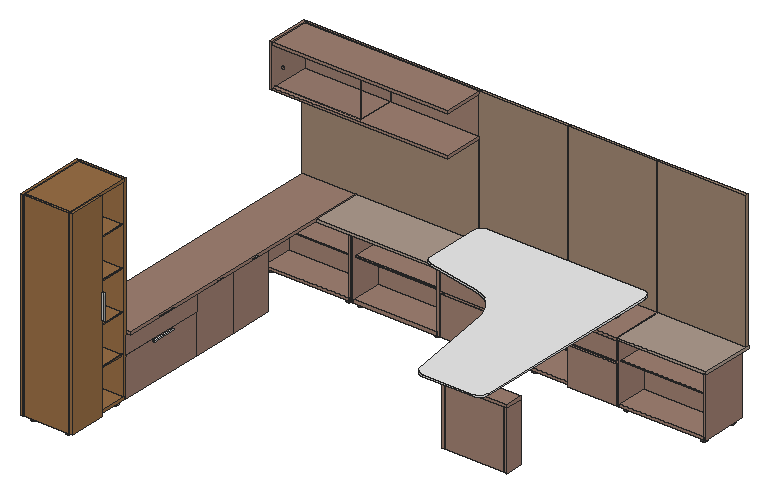
Revit family "OFS TYPICAL T100058", category Furniture, Revit 2022 (continued)
Definition of nested family "OFS_APTOS_TALL_STORAGE_ HINGED_DOOR_LEFT___OPEN"
  Definition of nested family "34-3668RSC1"
    Forms (in)
      Extrusion 22, solid, material <- "FINISH"
        sketch origin (35.9375, -3.376, 0) x (-1, 0, 0) y (0, 0, 1)
          loop
            line (0, 1.5) -> (0.6875, 1.5) -> (0.6875, 68.43675) -> (0, 68.43675) -> (0, 1.5)
        from 2.2505 to 2.376
    Dimensions and locks (in)
      aligned and locked: level to plane 2
Definition of nested family "OFS APTOS Wallmount Organizer Open End Sliding Glass Door Left"
  Parameters (values of type "Wallmount Organizer Open End Sliding Glass Door Left 60")
    Width = 5' - 0"
    URL = "https://ofs.com/"
    Total Height [instance] = 5' - 8 1/4"
    Glass Door Material = none
    Door Inset = 0' - 1 1/8"
    Door Handle Material = none
    Default Elevation = 0' - 0"
    Box Width = 1' - 0"
    Board Thick Door = 0' - 0 1/4"
    Depth = 1' - 2 1/2"
    Board Material = none
    Model = "34-6015LWSG1NE"
    Manufacturer = "OFS"
    Leg Offset = 0' - 2"
    Board Thick Internal = 0' - 0 1/4"
    Height = 1' - 2 1/2"
    Description = "OFS APTOS Wallmount Organizer Open End Sliding Glass Door Left 60"
    Copyright © = "© OFS 2022"
    Catalog = "https://ofs.com/products/tables/conference/aptos?search=Aptos"
    Bottom Board Offset = 4' - 5 3/4"
    Board Thick Top and Bot = 0' - 0 3/4"
    Board Thick Sides = 0' - 0 3/4"
    Board Thick Front = 0' - 0 3/4"
    Board Thick Back = 0' - 0 3/4"
    Authoring Version = "Autodesk Revit Architecture 2015"
    Assembly Code = "E2020200"
  Types (4): name | Width | Model | Description
    (no name) | 5' - 0" | "34-6015LWSG1NE" | "OFS APTOS Wallmount Organizer Open End Sliding Glass Door Left 60"
    Wallmount Organizer Open End Sliding Glass Door Left 60 | 5' - 0" | "34-6015LWSG1NE" | "OFS APTOS Wallmount Organizer Open End Sliding Glass Door Left 60"
    Wallmount Organizer Open End Sliding Glass Door Left 66 | 5' - 6" | "34-6615LWSG1NE" | "OFS APTOS Wallmount Organizer Open End Sliding Glass Door Left 66"
    Wallmount Organizer Open End Sliding Glass Door Left 72 | 6' - 0" | "34-7215LWSG1NE" | "OFS APTOS Wallmount Organizer Open End Sliding Glass Door Left 72"
  Reference planes (in)
    plane 1 "Center Front/Back": y = 0
    plane 2: z = 0
    plane 3 "Center Left/Right": x = 0
    plane 4 "Left End": x = -30
    plane 5 "Front End": y = -13.375
    plane 6 "Right End": x = 30
    plane 7 "Back End": y = 0
    plane 8 "Height Top": z = 68.25
    plane 9: x = -29.25
    plane 10: x = 29.25
    plane 11: z = 67.5
    plane 12: z = 53.75
    plane 13: z = 54.5
    plane 14: y = -12.625
    plane 15: y = -2
    plane 16: y = -2
    plane 17: y = -11.375
    plane 18: y = -11.375
    plane 19: x = -28
    plane 20: x = 28
    plane 21: x = 28
    plane 22: x = -28
    plane 23: y = -14.5
    plane 24: x = 0
    plane 25: x = 0.125
    plane 26: x = -0.125
    plane 27: y = -0.75
    plane 28: y = -13.625
    plane 29: x = 26.75
    plane 30: x = -26.75
    plane 31: z = 61
  Forms (in)
    Extrusion 1, solid, material <- "Board Material"
      sketch origin (0, 0, 0) x (1, 0, 0) y (0, 1, 0)
        loop
          line (-30, 0) -> (-30, -14.5) -> (-29.25, -14.5) -> (-29.25, 0) -> (-30, 0)
      from 53.75 to 68.25
    Extrusion 2, solid, material <- "Board Material"
      sketch origin (0, 0, 0) x (1, 0, 0) y (0, 1, 0)
        loop
          line (-29.25, -0.75) -> (-29.25, -14.5) -> (30, -14.5) -> (30, -0.75) -> (-29.25, -0.75)
      from 53.75 to 54.5
    Extrusion 3, solid, material <- "Board Material"
      sketch origin (0, 0, 0) x (1, 0, 0) y (0, 1, 0)
        loop
          line (-29.25, -0.75) -> (-29.25, -14.5) -> (30, -14.5) -> (30, -0.75) -> (-29.25, -0.75)
      from 67.5 to 68.25
    Extrusion 4, solid, material <- "Glass Door Material"
      sketch origin (0, 0, 0) x (1, 0, 0) y (0, 1, 0)
        loop
          line (-0.125, -0.75) -> (-0.125, -13.375) -> (0.125, -13.375) -> (0.125, -0.75) -> (-0.125, -0.75)
      from 54.5 to 67.5
    Extrusion 5, solid, material <- "Glass Door Material"
      sketch origin (0, 0, 0) x (1, 0, 0) y (0, 1, 0)
        loop
          line (0.125, -13.375) -> (-29.25, -13.375) -> (-29.25, -13.625) -> (0.125, -13.625) -> (0.125, -13.375)
      from 54.5 to 67.5
    Extrusion 6, solid, material <- "Board Material"
      sketch origin (0, 27.875, 0) x (1, 0, 0) y (0, 1, 0)
        loop
          line (-29.25, -27.875) -> (-29.25, -28.625) -> (30, -28.625) -> (30, -27.875) -> (-29.25, -27.875)
      from 53.75 to 68.25
    Extrusion 7, void
      sketch origin (-9.5747, 0, 1.68758) x (-1, 0, 0) y (0, 0, -1)
        loop
          circle (16.6753, -59.31242) r 0.5
      from 0.75 to 14.5
  Cuts and joins
    Extrusion 7 cuts Extrusion 5
  Dimensions and locks (in)
    equal spacing: plane 4 "Left End", plane 3 "Center Left/Right", plane 6 "Right End"
    "Width": plane 4 "Left End" to plane 6 "Right End"
    "Height": plane 8 "Height Top" to plane 12
    "Board Thick Sides": plane 4 "Left End" to plane 9
    "Board Thick Sides": plane 10 to plane 6 "Right End"
    "Board Thick Top and Bot": plane 8 "Height Top" to plane 11
    "Board Thick Top and Bot": plane 13 to plane 12
    "Bottom Board Offset": plane 12 to level
    "Board Thick Front": plane 14 to plane 5 "Front End"
    "Leg Offset": plane 17 to plane 5 "Front End"
    "Leg Offset": plane 18 to plane 5 "Front End"
    "Leg Offset": plane 15 to plane 7 "Back End"
    "Leg Offset": plane 16 to plane 7 "Back End"
    "Leg Offset": plane 4 "Left End" to plane 19
    "Leg Offset": plane 20 to plane 6 "Right End"
    "Leg Offset": plane 21 to plane 6 "Right End"
    "Leg Offset": plane 4 "Left End" to plane 22
    equal spacing: plane 26, plane 24, plane 25
    "Board Thick Internal": plane 26 to plane 25
    "Board Thick Back": plane 27 to plane 1 "Center Front/Back"
    "Depth": plane 23 to plane 1 "Center Front/Back"
    "Total Height": plane 8 "Height Top" to level
    "Door Inset": plane 5 "Front End" to plane 23
    "Board Thick Door": plane 5 "Front End" to plane 28
    locked: plane 29 to plane 10 at 2.5
    locked: plane 9 to plane 30 at 2.5
    equal spacing: plane 8 "Height Top", plane 31, plane 12
    aligned and locked: level to plane 2
    aligned and locked: plane 4 "Left End" to Extrusion 1 sketch curve
    aligned and locked: Extrusion 1 sketch curve to plane 9
    aligned and locked: plane 9 to Extrusion 2 sketch curve
    aligned and locked: Extrusion 4 to plane 5 "Front End"
    aligned and locked: plane 5 "Front End" to Extrusion 5 sketch curve
    aligned and locked: Extrusion 4 to plane 13
    aligned and locked: plane 11 to Extrusion 4
    aligned and locked: Extrusion 3 to plane 23
    aligned and locked: plane 8 "Height Top" to Extrusion 3
    aligned and locked: Extrusion 3 to plane 11
    aligned and locked: Extrusion 6 to plane 27
    aligned and locked: Extrusion 6 to plane 1 "Center Front/Back"
    aligned and locked: plane 27 to Extrusion 4
    aligned and locked: plane 26 to Extrusion 4
    aligned and locked: Extrusion 4 to plane 25
    aligned and locked: Extrusion 3 to plane 9
    aligned and locked: plane 23 to Extrusion 1
    aligned and locked: plane 8 "Height Top" to Extrusion 1
    aligned and locked: Extrusion 1 to plane 12
    aligned and locked: Extrusion 6 to plane 9
    aligned and locked: Extrusion 5 to plane 28
    aligned and locked: plane 25 to Extrusion 5
    aligned and locked: plane 11 to Extrusion 5
    aligned and locked: Extrusion 5 to plane 9
    aligned and locked: Extrusion 5 to plane 13
    aligned and locked: plane 31 to Extrusion 7
    aligned and locked: Extrusion 4 to Extrusion 7
    aligned and locked: Extrusion 1 to Extrusion 7
    aligned and locked: plane 8 "Height Top" to Extrusion 6
    aligned and locked: Extrusion 6 to plane 12
    aligned and locked: Extrusion 3 to plane 27
    aligned and locked: Extrusion 3 to plane 6 "Right End"
    aligned and locked: Extrusion 6 to plane 6 "Right End"
    aligned and locked: Extrusion 2 to plane 6 "Right End"
  Automatic sketch dimensions
    Extrusion 1 sketch curve to plane 23 = 0' - 0"
    plane 1 "Center Front/Back" to Extrusion 1 sketch curve = 0' - 0"
    Extrusion 2 sketch curve to plane 23 = 0' - 0"
    plane 1 "Center Front/Back" to Extrusion 2 sketch curve = 0' - 0 3/4"
    Extrusion 3 sketch curve to plane 9 = 0' - 0"
    Extrusion 3 sketch curve to plane 10 = 0' - 0 3/4"
    Extrusion 3 sketch curve to plane 23 = 0' - 0"
    plane 1 "Center Front/Back" to Extrusion 3 sketch curve = 0' - 0 3/4"
    Extrusion 4 sketch curve to plane 5 "Front End" = 0' - 0"
    Extrusion 4 sketch curve to plane 26 = 0' - 0"
    Extrusion 4 sketch curve to plane 25 = 0' - 0"
    Extrusion 4 sketch curve to plane 27 = 0' - 0"
    Extrusion 5 sketch curve to plane 9 = 0' - 0"
    Extrusion 5 sketch curve to plane 25 = 0' - 0"
    Extrusion 5 sketch curve to plane 28 = 0' - 0"
    Extrusion 6 sketch curve to plane 9 = 0' - 0"
    Extrusion 6 sketch curve to plane 10 = 0' - 0 3/4"
    Extrusion 6 sketch curve to plane 27 = 0' - 0"
    plane 1 "Center Front/Back" to Extrusion 6 sketch curve = 0' - 0"
    plane 31 to Extrusion 7 sketch curve = 0' - 0"
    plane 30 to Extrusion 7 sketch curve = 0' - 0 1/2"
    Extrusion 2 sketch curve to plane 10 = 0' - 0 3/4"
    radius of Extrusion 7 sketch curve = 0' - 0 1/2"
Definition of nested family "OFS APTOS Height Adjustable Peninsula Sweep Top 74W 60D Corian Top 18D Right"
  Parameters (values of type "Height Adjustable Peninsula Sweep Top 74W 60D Left Corian Top 18D Right")
    Width = 6' - 2"
    URL = "https://ofs.com/"
    Right Column [instance] = and(Right, not(H4H Height Adjustable Panel Base Option))  # no
    Right 4H4 [instance] = and(Right, H4H Height Adjustable Panel Base Option)  # no
    Right = no
    Left Column [instance] = and(Left, not(H4H Height Adjustable Panel Base Option))  # no
    Left 4H4 [instance] = and(Left, H4H Height Adjustable Panel Base Option)  # yes
    Left = yes
    H4H Height Adjustable Panel Base Option [instance] = yes
    Depth = 5' - 0"
    Model = "34-7460HALSTDSC"
    Manufacturer = "OFS"
    Height = 0' - 1 3/16"
    Description = "OFS APTOS Height Adjustable Peninsula Sweep Top 74W 60D Left Corian Top 18D Right"
    Default Elevation = 0' - 0"
    Copyright © = "© OFS 2022"
    Columns Material = none
    Catalog = "https://ofs.com/products/tables/conference/aptos?search=Aptos"
    Worksurface Height [instance] = 2' - 3"
    Authoring Version = "Autodesk Revit Architecture 2015"
    Assembly Code = "E2020200"
  Types (3): name | Right 4H4 | Right | Left 4H4 | Left | Model | Description
    (no name) | no | no | yes | yes | "34-7460HALSTDSC" | "OFS APTOS Height Adjustable Peninsula Sweep Top 74W 60D Left Corian Top 18D Right"
    Height Adjustable Peninsula Sweep Top 74W 60D Left Corian Top 18D Right | no | no | yes | yes | "34-7460HALSTDSC" | "OFS APTOS Height Adjustable Peninsula Sweep Top 74W 60D Left Corian Top 18D Right"
    Height Adjustable Peninsula Sweep Top 74W 60D Right Corian Top 18D Right | yes | yes | no | no | "34-7460HARSTDSC" | "OFS APTOS Height Adjustable Peninsula Sweep Top 74W 60D Right Corian Top 18D Right"
  Reference planes (in)
    plane 1 "Back End": y = 6
    plane 2: z = 0
    plane 3 "Center Left/Right": x = 0
    plane 4 "Left End": x = -37
    plane 5 "Front End": y = -54
    plane 6 "Right End": x = 37
    plane 7 "Height Top": z = 28.1875
    plane 8: z = 27
    plane 9 "Center Front/Back": y = -24
    plane 10: z = 24.625
    plane 11: z = 22.25
    plane 12: z = 26.875
  Forms (in)
    Extrusion 1, solid, material <- "Columns Material", visible <- "Right"
      sketch origin (0, 0, 0) x (1, 0, 0) y (0, 1, 0)
        loop
          circle (-24.4997, -43.08789) r 1.125
      from 24.625 to 27
    Extrusion 2, solid, material <- "Columns Material", visible <- "Right"
      sketch origin (0, 0, 0) x (1, 0, 0) y (0, 1, 0)
        loop
          circle (-24.4997, -43.08789) r 1.25
      from 22.25 to 24.625
    Extrusion 3, solid, material <- "Columns Material", visible <- "Right Column"
      sketch origin (0, 0, 0) x (1, 0, 0) y (0, 1, 0)
        loop
          circle (-24.4997, -43.08789) r 1.375
      from 0 to 22.25
    Extrusion 4, solid, material <- "Columns Material"
      sketch origin (0, 0, 0) x (1, 0, 0) y (0, 1, 0)
        loop
          line (24, -44) -> (24, -50) -> (30, -50) -> (30, -44) -> (24, -44)
        loop
          line (24, -4) -> (30, -4) -> (30, 2) -> (24, 2) -> (24, -4)
      from 26.875 to 27
    Extrusion 5, solid, material <- "Columns Material"
      sketch origin (46.50266, -2.91211, 0) x (1, 0, 0) y (0, 1, 0)
        loop
          circle (-18.4997, -43.08789) r 1.125
      from 24.625 to 27
    Extrusion 6, solid, material <- "Columns Material"
      sketch origin (46.50266, -2.91211, 0) x (1, 0, 0) y (0, 1, 0)
        loop
          circle (-18.4997, -43.08789) r 1.25
      from 22.25 to 24.625
    Extrusion 7, solid, material <- "Columns Material"
      sketch origin (46.50266, -2.91211, 0) x (1, 0, 0) y (0, 1, 0)
        loop
          circle (-18.4997, -43.08789) r 1.375
      from 2.375 to 22.25
    Extrusion 8, solid, material <- "Columns Material"
      sketch origin (46.50266, 29.08789, 0) x (1, 0, 0) y (0, 1, 0)
        loop
          circle (-18.4997, -31.08789) r 1.125
      from 24.625 to 27
    Extrusion 9, solid, material <- "Columns Material"
      sketch origin (46.50266, 29.08789, 0) x (1, 0, 0) y (0, 1, 0)
        loop
          circle (-18.4997, -31.08789) r 1.25
      from 22.25 to 24.625
    Extrusion 10, solid, material <- "Columns Material"
      sketch origin (46.50266, 29.08789, 0) x (1, 0, 0) y (0, 1, 0)
        loop
          circle (-18.4997, -31.08789) r 1.375
      from 2.375 to 22.25
    Extrusion 11, solid, material <- "Columns Material", visible <- "Right"
      sketch origin (0, 0, 0) x (1, 0, 0) y (0, 1, 0)
        loop
          line (-26.4997, -40.08789) -> (-26.4997, -46.08789) -> (-20.4997, -46.08789) -> (-20.4997, -40.08789) -> (-26.4997, -40.08789)
      from 26.875 to 27
    Extrusion 12, solid, material <- "Columns Material", visible <- "Left"
      sketch origin (0, -48, 0) x (1, 0, 0) y (0, 1, 0)
        loop
          circle (-24.4997, 43.08789) r 1.125
      from 24.625 to 27
    Extrusion 13, solid, material <- "Columns Material", visible <- "Left"
      sketch origin (0, -48, 0) x (1, 0, 0) y (0, 1, 0)
        loop
          circle (-24.4997, 43.08789) r 1.25
      from 22.25 to 24.625
    Extrusion 14, solid, material <- "Columns Material", visible <- "Left Column"
      sketch origin (0, -48, 0) x (1, 0, 0) y (0, 1, 0)
        loop
          circle (-24.4997, 43.08789) r 1.375
      from 0 to 22.25
    Extrusion 15, solid, material <- "Columns Material", visible <- "Left"
      sketch origin (0, -48, 0) x (1, 0, 0) y (0, 1, 0)
        loop
          line (-26.4997, 40.08789) -> (-20.4997, 40.08789) -> (-20.4997, 46.08789) -> (-26.4997, 46.08789) -> (-26.4997, 40.08789)
      from 26.875 to 27
  Dimensions and locks (in)
    "Height": plane 7 "Height Top" to plane 8
    "Worksurface Height": plane 8 to level
    "Depth": plane 5 "Front End" to plane 1 "Back End"
    equal spacing: plane 4 "Left End", plane 3 "Center Left/Right", plane 6 "Right End"
    "Width": plane 4 "Left End" to plane 6 "Right End"
    equal spacing: plane 5 "Front End", plane 9 "Center Front/Back", plane 1 "Back End"
    locked: plane 11 to level at 22.25
    equal spacing: plane 8, plane 10, plane 11
    locked: plane 8 to plane 12 at 0.125
    aligned and locked: level to plane 2
    aligned and locked: nested 1 to Extrusion 3
    aligned and locked: plane 8 to Extrusion 1
    aligned and locked: nested 1 to Extrusion 2
    aligned and locked: plane 10 to Extrusion 2
    aligned and locked: Extrusion 1 to plane 10
    aligned and locked: Extrusion 4 to plane 8
    aligned and locked: plane 12 to Extrusion 4
    aligned and locked: Extrusion 7 to plane 11
    aligned and locked: Extrusion 10 to plane 11
    aligned and locked: plane 11 to Extrusion 9
    aligned and locked: plane 11 to Extrusion 6
    aligned and locked: Extrusion 6 to plane 10
    aligned and locked: plane 10 to Extrusion 5
    aligned and locked: Extrusion 5 to plane 8
    aligned and locked: plane 8 to Extrusion 8
    aligned and locked: plane 10 to Extrusion 9
    aligned and locked: Extrusion 8 to plane 10
    aligned and locked: plane 8 to Extrusion 11
    aligned and locked: Extrusion 11 to plane 12
    aligned and locked: plane 11 to Extrusion 14
    aligned and locked: Extrusion 13 to plane 11
    aligned and locked: plane 10 to Extrusion 13
    aligned and locked: Extrusion 12 to plane 10
    aligned and locked: plane 8 to Extrusion 12
    aligned and locked: plane 8 to Extrusion 15
    aligned and locked: Extrusion 15 to plane 12
    aligned and locked: plane 7 "Height Top" to nested 5
    aligned and locked: plane 7 "Height Top" to nested 4
  Automatic sketch dimensions
    plane 4 "Left End" to Extrusion 1 sketch curve = 1' - 0.5003"
    plane 5 "Front End" to Extrusion 1 sketch curve = 0' - 10.91211"
    Extrusion 2 sketch curve to Extrusion 2 sketch curve = 0' - 0"  (x2)
    plane 4 "Left End" to Extrusion 2 sketch curve = 0' - 11.2503"
    Extrusion 2 sketch curve to Extrusion 2 sketch curve = 0' - 1 1/4"
    plane 5 "Front End" to Extrusion 2 sketch curve = 0' - 10.91211"
    Extrusion 3 sketch curve to Extrusion 3 sketch curve = 0' - 0"  (x2)
    plane 4 "Left End" to Extrusion 3 sketch curve = 0' - 11.1253"
    Extrusion 3 sketch curve to Extrusion 3 sketch curve = 0' - 1 3/8"
    plane 5 "Front End" to Extrusion 3 sketch curve = 0' - 10.91211"
    plane 6 "Right End" to Extrusion 4 sketch curve = 1' - 1"  (x2)
    plane 5 "Front End" to Extrusion 4 sketch curve = 0' - 4"
    plane 1 "Back End" to Extrusion 4 sketch curve = 0' - 4"
    Extrusion 4 sketch curve to Extrusion 4 sketch curve = 0' - 6"  (x4)
    plane 6 "Right End" to Extrusion 5 sketch curve = 0' - 8.99705"
    plane 5 "Front End" to Extrusion 5 sketch curve = 0' - 8"
    Extrusion 6 sketch curve to Extrusion 6 sketch curve = 0' - 0"  (x2)
    plane 6 "Right End" to Extrusion 6 sketch curve = 0' - 10.24705"
    Extrusion 6 sketch curve to Extrusion 6 sketch curve = 0' - 1 1/4"
    plane 5 "Front End" to Extrusion 6 sketch curve = 0' - 8"
    Extrusion 7 sketch curve to Extrusion 7 sketch curve = 0' - 0"  (x2)
    plane 6 "Right End" to Extrusion 7 sketch curve = 0' - 10.37205"
    Extrusion 7 sketch curve to Extrusion 7 sketch curve = 0' - 1 3/8"
    plane 5 "Front End" to Extrusion 7 sketch curve = 0' - 8"
    plane 6 "Right End" to Extrusion 8 sketch curve = 0' - 8.99705"
    plane 1 "Back End" to Extrusion 8 sketch curve = 0' - 8"
    Extrusion 9 sketch curve to Extrusion 9 sketch curve = 0' - 0"  (x2)
    plane 6 "Right End" to Extrusion 9 sketch curve = 0' - 10.24705"
    Extrusion 9 sketch curve to Extrusion 9 sketch curve = 0' - 1 1/4"
    plane 1 "Back End" to Extrusion 9 sketch curve = 0' - 8"
    Extrusion 10 sketch curve to Extrusion 10 sketch curve = 0' - 0"  (x2)
    plane 6 "Right End" to Extrusion 10 sketch curve = 0' - 10.37205"
    Extrusion 10 sketch curve to Extrusion 10 sketch curve = 0' - 1 3/8"
    plane 1 "Back End" to Extrusion 10 sketch curve = 0' - 8"
    plane 4 "Left End" to Extrusion 11 sketch curve = 0' - 10.5003"
    plane 5 "Front End" to Extrusion 11 sketch curve = 0' - 7.91211"
    Extrusion 11 sketch curve to Extrusion 11 sketch curve = 0' - 6"  (x2)
    Extrusion 12 sketch curve to plane 4 "Left End" = 1' - 0.5003"
    Extrusion 12 sketch curve to plane 1 "Back End" = 0' - 10.91211"
    Extrusion 13 sketch curve to Extrusion 13 sketch curve = 0' - 0"  (x2)
    Extrusion 13 sketch curve to plane 4 "Left End" = 0' - 11.2503"
    Extrusion 13 sketch curve to Extrusion 13 sketch curve = 0' - 1 1/4"
    Extrusion 13 sketch curve to plane 1 "Back End" = 0' - 10.91211"
    Extrusion 14 sketch curve to Extrusion 14 sketch curve = 0' - 0"  (x2)
    Extrusion 14 sketch curve to plane 4 "Left End" = 0' - 11.1253"
    Extrusion 14 sketch curve to Extrusion 14 sketch curve = 0' - 1 3/8"
    Extrusion 14 sketch curve to plane 1 "Back End" = 0' - 10.91211"
    Extrusion 15 sketch curve to plane 4 "Left End" = 0' - 10.5003"
    Extrusion 15 sketch curve to plane 1 "Back End" = 0' - 7.91211"
    Extrusion 15 sketch curve to Extrusion 15 sketch curve = 0' - 6"  (x2)
    radius of Extrusion 1 sketch curve = 0' - 1 1/8"
    radius of Extrusion 5 sketch curve = 0' - 1 1/8"
    radius of Extrusion 8 sketch curve = 0' - 1 1/8"
    radius of Extrusion 12 sketch curve = 0' - 1 1/8"
  Nested families (in)
    nested 1: "Aptos Modular Low Height Cabinets" at (35.75, -24, 0) x (0, -1, 0) z (0, 0, 1), type "APTOS HEIGHT ADJUSTABLE SWEEP TOP DESK"
      with Width 5' - 0", Box Width 2' - 3"
    nested 2: "H4H" at (-27.5, -5, 0) x (0, 1, 0) z (0, 0, 1), visible <- "Left 4H4", type "H4H"
    nested 3: "H4H" at (-27.5, -42.99989, 0) x (0, -1, 0) z (0, 0, 1), visible <- "Right 4H4", type "H4H"
    nested 4: "APTOS SWEEP ELEVATED RUNOFF WORKSURFACE LEFT - WOOD TOP" at (-1.0006, -48, -1.3125) x (-1, 0, 0) z (0, 0, 1), visible <- "Left", type "APTOS SWEEP ELEVATED RUNOFF WORKSURFACE 72" x 58" LEFT OPEN END - WOOD TOP"
    nested 5: "APTOS SWEEP ELEVATED RUNOFF WORKSURFACE RIGHT - WOOD TOP" at (-1.0003, 0, -1.3125), visible <- "Right", type "APTOS SWEEP ELEVATED RUNOFF WORKSURFACE 72" x 58" RIGHT OPEN END - WOOD TOP"
      with Width 6' - 0", 34-7858SWTERC no, 34-7258SWTERC yes
  Definition of nested family "Aptos Modular Low Height Cabinets"
    Parameters
      Width = 4' - 0"
      URL = "http://ofsbrands.com"
      Top Board, Back Offset = 0' - 1 1/4"
      Shelf Height = 0' - 9 3/4"
      Drawer Width = 1' - 4 7/16"
      Drawer Gap = 0' - 0 7/8"
      Table Material = none
      Default Elevation = 0' - 0"
      Column Material = none
      Box Width = 1' - 9"
      Bottom Drawer Height = 1' - 0"
      Board Thick Door = 0' - 1 1/8"
      Depth = 1' - 4 3/4"
      Board Material = none
      Model = "34-7460HARSTDSC"
      Manufacturer = "OFS"
      Leg Caps Material = none
      Leg Offset = 0' - 2"
      Board Thick Internal = 0' - 0 3/4"
      Height = 1' - 10 1/4"
      Description = "OFS BRANDS OFS APTOS HEIGHT ADJUSTABLE SWEEP TOP DESK 18\" D Low Height Cabinet with Unfinished Back and 72\"W x 58\"D Worksurface"
      Copyright © = "© OFS BRANDS 2017"
      Catalog = "APTOS http://ofsbrands.com/products/casegoods/private-office/aptos"
      Bottom Board Offset = 0' - 1 1/2"
      Board Thick Top and Bot = 0' - 0 7/8"
      Board Thick Shelfs = 0' - 1"
      Board Thick Sides = 0' - 0 3/4"
      Board Thick Front = 0' - 0 3/4"
      Board Thick Back = 0' - 0 3/4"
      Authoring Version = "Autodesk Revit Architecture 2013"
      Assembly Code = "E2020200"
    Reference planes (in)
      plane 1 "Center Front/Back": y = 0
      plane 2: z = 0
      plane 3 "Center Left/Right": x = 0
      plane 4 "Left End": x = -24
      plane 5 "Front End": y = -15.625
      plane 6 "Right End": x = 24
      plane 7 "Back End": y = 0
      plane 8 "Height Top": z = 22.25
      plane 9: x = -23.25
      plane 10: x = 23.25
      plane 11: z = 11.125
      plane 12: z = 12.125
      plane 13: z = 21.375
      plane 14: z = 1.5
      plane 15: z = 2.375
      plane 16: y = -14.875
      plane 17: y = -2
      plane 18: y = -2
      plane 19: y = -13.625
      plane 20: y = -13.625
      plane 21: x = -22
      plane 22: x = 22
      plane 23: x = 22
      plane 24: x = -22
      plane 25: x = -11.25
      plane 26: x = -10.5
      plane 27: y = -16.75
      plane 28: z = 15.25
      plane 29: y = -0.75
      plane 30: x = 11.25
      plane 31: x = 10.5
      plane 32: z = 14.375
      plane 33: y = 1.25
      plane 34: z = 25.28125
      plane 35: x = -7.5625
      plane 36: x = 7.5625
      plane 37: y = -2.75
    Forms (in)
      Extrusion 1, solid, material <- "Board Material"
        sketch origin (0, 0, 0) x (1, 0, 0) y (0, 1, 0)
          loop
            line (-24, 0) -> (-24, -15.625) -> (-23.25, -15.625) -> (-23.25, 0) -> (-24, 0)
        from 1.5 to 21.375
      Extrusion 2, solid, material <- "Board Material"
        sketch origin (0, 0, 0) x (-1, 0, 0) y (0, -1, 0)
          loop
            line (-24, 0) -> (-23.25, 0) -> (-23.25, 15.625) -> (-24, 15.625) -> (-24, 0)
        from 1.5 to 21.375
      Extrusion 3, solid, material <- "Board Material"
        sketch origin (0, 0, 0) x (1, 0, 0) y (0, 1, 0)
          loop
            line (-23.25, 0) -> (-23.25, -15.625) -> (23.25, -15.625) -> (23.25, 0) -> (-23.25, 0)
        from 1.5 to 2.375
      Extrusion 4, solid, material <- "Board Material"
        sketch origin (0, 0, 0) x (1, 0, 0) y (0, 1, 0)
          loop
            line (-24, 1.25) -> (-24, -16.75) -> (24, -16.75) -> (24, 1.25) -> (-24, 1.25)
        from 21.375 to 22.25
      Revolve 5, solid, material <- "Leg Caps Material"
        sketch origin (0, -2, 0) x (-1, 0, 0) y (0, 0, 1)
          loop
            line (21, 0.28743) -> (21.5, 0.28743)
            arc (21.5, 0.28743) -> (21.35629, 0.14371) -> (21.5, 0) r 0.14371
            line (21.5, 0) -> (22, 0) -> (22, 1.5) -> (21, 1.5) -> (21, 0.28743)
          axis (22, 1.5) -> (22, 0)
        angle from 0 to 360
      Revolve 6, solid, material <- "Leg Caps Material"
        sketch origin (0, -2, 0) x (1, 0, 0) y (0, 0, -1)
          loop
            line (21, -0.28743) -> (21, -1.5) -> (22, -1.5) -> (22, 0) -> (21.5, 0)
            arc (21.5, 0) -> (21.35629, -0.14371) -> (21.5, -0.28743) r 0.14371
            line (21.5, -0.28743) -> (21, -0.28743)
          axis (22, -1.5) -> (22, 0)
        angle from 0 to 360
      Revolve 7, solid, material <- "Leg Caps Material"
        sketch origin (0, -13.625, 0) x (-1, 0, 0) y (0, 0, -1)
          loop
            line (21, -0.28743) -> (21, -1.5) -> (22, -1.5) -> (22, 0) -> (21.5, 0)
            arc (21.5, 0) -> (21.35629, -0.14371) -> (21.5, -0.28743) r 0.14371
            line (21.5, -0.28743) -> (21, -0.28743)
          axis (22, -1.5) -> (22, 0)
        angle from 0 to 360
      Revolve 8, solid, material <- "Leg Caps Material"
        sketch origin (0, -13.625, 0) x (1, 0, 0) y (0, 0, 1)
          loop
            line (21, 0.28743) -> (21.5, 0.28743)
            arc (21.5, 0.28743) -> (21.35629, 0.14371) -> (21.5, 0) r 0.14371
            line (21.5, 0) -> (22, 0) -> (22, 1.5) -> (21, 1.5) -> (21, 0.28743)
          axis (22, 1.5) -> (22, 0)
        angle from 0 to 360
      Extrusion 9, solid, material <- "Board Material"
        sketch origin (0, 0, 0) x (1, 0, 0) y (0, 1, 0)
          loop
            line (-11.25, 0) -> (-11.25, -15.625) -> (-10.5, -15.625) -> (-10.5, 0) -> (-11.25, 0)
        from 2.375 to 21.375
      Extrusion 10, solid, material <- "Board Material"
        sketch origin (0, 27.875, 0) x (1, 0, 0) y (0, 1, 0)
          loop
            line (-23.25, -27.875) -> (-23.25, -28.625) -> (-11.25, -28.625) -> (-11.25, -27.875) -> (-23.25, -27.875)
        from 4.5 to 8.5
      Extrusion 11, solid, material <- "Board Material"
        sketch origin (0, 0, 0) x (1, 0, 0) y (0, 1, 0)
          loop
            line (24, -15.625) -> (7.5625, -15.625) -> (7.5625, -16.75) -> (24, -16.75) -> (24, -15.625)
        from 1.5 to 14.375
      Extrusion 12, solid, material <- "Board Material"
        sketch origin (0, 0, 0) x (1, 0, 0) y (0, 1, 0)
          loop
            line (24, -15.625) -> (7.5625, -15.625) -> (7.5625, -16.75) -> (24, -16.75) -> (24, -15.625)
        from 15.25 to 21.375
      Extrusion 13, solid, material <- "Board Material"
        sketch origin (0, 0, 0) x (0, 1, 0) y (0, 0, 1)
          loop
            line (-2.75, 12.125) -> (-14.875, 12.125) -> (-14.875, 11.625) -> (-14.375, 11.125) -> (-2.75, 11.125) -> (-2.75, 12.125)
        from -10.5 to 10.5
      Extrusion 14, solid, material <- "Board Material"
        sketch origin (0, 0, 0) x (1, 0, 0) y (0, 1, 0)
          loop
            line (-7.5625, -15.625) -> (-24, -15.625) -> (-24, -16.75) -> (-7.5625, -16.75) -> (-7.5625, -15.625)
        from 1.5 to 14.375
      Extrusion 15, solid, material <- "Board Material"
        sketch origin (0, 0, 0) x (1, 0, 0) y (0, 1, 0)
          loop
            line (-7.5625, -15.625) -> (-24, -15.625) -> (-24, -16.75) -> (-7.5625, -16.75) -> (-7.5625, -15.625)
        from 15.25 to 21.375
      Revolve 16, solid, material <- "Leg Caps Material"
        sketch origin (-28, -2, 0) x (1, 0, 0) y (0, 0, -1)
          loop
            line (27, -0.28743) -> (27, -1.5) -> (28, -1.5) -> (28, 0) -> (27.5, 0)
            arc (27.5, 0) -> (27.35629, -0.14371) -> (27.5, -0.28743) r 0.14371
            line (27.5, -0.28743) -> (27, -0.28743)
          axis (28, -1.5) -> (28, 0)
        angle from 0 to 360
      Revolve 17, solid, material <- "Leg Caps Material"
        sketch origin (-28, -13.625, 0) x (1, 0, 0) y (0, 0, 1)
          loop
            line (27, 0.28743) -> (27.5, 0.28743)
            arc (27.5, 0.28743) -> (27.35629, 0.14371) -> (27.5, 0) r 0.14371
            line (27.5, 0) -> (28, 0) -> (28, 1.5) -> (27, 1.5) -> (27, 0.28743)
          axis (28, 1.5) -> (28, 0)
        angle from 0 to 360
      Extrusion 18, solid, material <- "Board Material"
        sketch origin (0, 0, 0) x (-1, 0, 0) y (0, -1, 0)
          loop
            line (-11.25, 0) -> (-10.5, 0) -> (-10.5, 15.625) -> (-11.25, 15.625) -> (-11.25, 0)
        from 2.375 to 21.375
      Extrusion 19, void
        sketch origin (0, 0, 0) x (0, 1, 0) y (0, 0, 1)
          loop
            line (-16.5, 15.25) -> (-15.625, 15.25) -> (-15.625, 16.125) -> (-16.5, 15.25)
          loop
            line (-16.5, 14.375) -> (-15.625, 13.5) -> (-15.625, 14.375) -> (-16.5, 14.375)
        from -30 to 30
      Extrusion 20, solid
        sketch origin (0, 0, 0) x (0, 1, 0) y (0, 0, 1)
          loop
            line (-15.625, 16.125) -> (-15.625, 13.5) -> (-14.875, 13.5) -> (-14.875, 16.125) -> (-15.625, 16.125)
        from -23.25 to -11.25
      Extrusion 21, solid
        sketch origin (0, 0, 0) x (0, 1, 0) y (0, 0, -1)
          loop
            line (-15.625, -16.125) -> (-14.875, -16.125) -> (-14.875, -13.5) -> (-15.625, -13.5) -> (-15.625, -16.125)
        from -23.25 to -11.25
      Extrusion 22, solid, material <- "Board Material"
        sketch origin (0.25, 27.875, 0) x (1, 0, 0) y (0, 1, 0)
          loop
            line (-23.5, -27.875) -> (-23.5, -28.625) -> (-11.5, -28.625) -> (-11.5, -27.875) -> (-23.5, -27.875)
        from 14.375 to 18.31334
      Extrusion 23, solid, material <- "Board Material"
        sketch origin (0, 13.5, 0) x (1, 0, 0) y (0, 1, 0)
          loop
            line (10.5, -15.5) -> (-10.5, -15.5) -> (-10.5, -16.25) -> (10.5, -16.25) -> (10.5, -15.5)
        from 2.375 to 21.375
      Extrusion 24, solid, material <- "Board Material"
        sketch origin (0, 27.875, 0) x (-1, 0, 0) y (0, -1, 0)
          loop
            line (-23.25, 27.875) -> (-11.25, 27.875) -> (-11.25, 28.625) -> (-23.25, 28.625) -> (-23.25, 27.875)
        from 4.5 to 8.5
      Extrusion 25, solid, material <- "Board Material"
        sketch origin (-0.25, 27.875, 0) x (-1, 0, 0) y (0, -1, 0)
          loop
            line (-23.5, 27.875) -> (-11.5, 27.875) -> (-11.5, 28.625) -> (-23.5, 28.625) -> (-23.5, 27.875)
        from 14.375 to 18.31334
      Extrusion 26, solid, material <- "Board Material"
        sketch origin (21, 27.875, 0) x (1, 0, 0) y (0, 1, 0)
          loop
            line (-31.5, -27.875) -> (-31.5, -28.625) -> (-10.5, -28.625) -> (-10.5, -27.875) -> (-31.5, -27.875)
        from 4.5 to 8.5
      Extrusion 27, solid, material <- "Board Material"
        sketch origin (21.25, 27.875, 0) x (1, 0, 0) y (0, 1, 0)
          loop
            line (-31.75, -27.875) -> (-31.75, -28.625) -> (-10.75, -28.625) -> (-10.75, -27.875) -> (-31.75, -27.875)
        from 14.375 to 18.31334
    Cuts and joins
      Extrusion 19 cuts Extrusion 14
      Extrusion 19 cuts Extrusion 15
      Extrusion 19 cuts Extrusion 12
      Extrusion 19 cuts Extrusion 11
    Dimensions and locks (in)
      equal spacing: plane 4 "Left End", plane 3 "Center Left/Right", plane 6 "Right End"
      "Width": plane 4 "Left End" to plane 6 "Right End"
      "Height": plane 8 "Height Top" to level
      "Board Thick Sides": plane 4 "Left End" to plane 9
      "Board Thick Sides": plane 10 to plane 6 "Right End"
      "Board Thick Top and Bot": plane 8 "Height Top" to plane 13
      "Board Thick Shelfs": plane 12 to plane 11
      "Board Thick Top and Bot": plane 15 to plane 14
      "Bottom Board Offset": plane 14 to level
      "Board Thick Front": plane 16 to plane 5 "Front End"
      "Leg Offset": plane 19 to plane 5 "Front End"
      "Leg Offset": plane 20 to plane 5 "Front End"
      "Leg Offset": plane 17 to plane 7 "Back End"
      "Leg Offset": plane 18 to plane 7 "Back End"
      "Leg Offset": plane 4 "Left End" to plane 21
      "Leg Offset": plane 22 to plane 6 "Right End"
      "Leg Offset": plane 23 to plane 6 "Right End"
      "Leg Offset": plane 4 "Left End" to plane 24
      "Board Thick Internal": plane 25 to plane 26
      "Board Thick Door": plane 27 to plane 5 "Front End"
      "Shelf Height": plane 12 to plane 15
      "Board Thick Back": plane 29 to plane 1 "Center Front/Back"
      "Depth": plane 27 to plane 1 "Center Front/Back"
      "Board Thick Internal": plane 30 to plane 31
      equal spacing: plane 26, plane 3 "Center Left/Right", plane 31
      "Box Width": plane 26 to plane 31
      "Bottom Drawer Height": plane 32 to plane 15
      "Drawer Gap": plane 28 to plane 32
      "Top Board, Back Offset": plane 33 to plane 7 "Back End"
      plane 34 to plane 8 "Height Top" = 0' - 3 1/32"
      "Drawer Width": plane 35 to plane 4 "Left End"
      "Drawer Width": plane 36 to plane 6 "Right End"
      Extrusion 1 to Extrusion 22 = 1' - 0 3/4"
      "Board Thick Internal": plane 18 to plane 37
      aligned and locked: level to plane 2
      aligned and locked: plane 5 "Front End" to Extrusion 1 sketch curve
      aligned and locked: plane 4 "Left End" to Extrusion 1 sketch curve
      aligned and locked: Extrusion 1 sketch curve to plane 9
      aligned and locked: Extrusion 2 to plane 5 "Front End"
      aligned and locked: plane 10 to Extrusion 2
      aligned and locked: Extrusion 2 to plane 6 "Right End"
      aligned and locked: plane 14 to Extrusion 2
      aligned and locked: plane 10 to Extrusion 3 sketch curve
      aligned and locked: plane 9 to Extrusion 3 sketch curve
      aligned and locked: plane 18 to Revolve 5
      aligned and locked: Revolve 6 to plane 17
      aligned and locked: plane 20 to Revolve 8
      aligned and locked: Revolve 7 to plane 19
      aligned and locked: Extrusion 9 sketch curve to plane 25
      aligned and locked: plane 26 to Extrusion 9 sketch curve
      aligned and locked: Extrusion 9 to plane 5 "Front End"
      aligned and locked: Extrusion 3 to plane 15
      aligned and locked: Extrusion 3 to plane 14
      aligned and locked: Extrusion 9 to plane 15
      aligned and locked: plane 13 to Extrusion 9
      aligned and locked: Extrusion 2 to plane 13
      aligned and locked: Extrusion 4 to plane 27
      aligned and locked: Extrusion 4 to plane 6 "Right End"
      aligned and locked: Extrusion 4 to plane 4 "Left End"
      aligned and locked: plane 8 "Height Top" to Extrusion 4
      aligned and locked: Extrusion 4 to plane 13
      aligned and locked: Extrusion 11 to plane 14
      aligned and locked: Extrusion 11 to plane 6 "Right End"
      aligned and locked: Extrusion 12 to plane 6 "Right End"
      aligned and locked: Extrusion 12 to plane 13
      aligned and locked: plane 28 to Extrusion 12
      aligned and locked: Extrusion 13 sketch curve to plane 12
      aligned and locked: plane 11 to Extrusion 13 sketch curve
      aligned and locked: Extrusion 13 sketch curve to plane 16
      aligned and locked: plane 26 to Extrusion 13
      aligned and locked: Extrusion 15 to plane 4 "Left End"
      aligned and locked: Extrusion 14 to plane 4 "Left End"
      aligned and locked: Extrusion 14 to plane 14
      aligned and locked: plane 13 to Extrusion 15
      aligned and locked: Extrusion 15 to plane 28
      aligned and locked: Extrusion 10 to plane 29
      aligned and locked: Extrusion 10 to plane 1 "Center Front/Back"
      aligned and locked: Extrusion 1 to plane 1 "Center Front/Back"
      aligned and locked: Extrusion 2 to plane 1 "Center Front/Back"
      aligned and locked: Extrusion 3 to plane 1 "Center Front/Back"
      aligned and locked: plane 13 to Extrusion 1
      aligned and locked: Extrusion 1 to plane 14
      aligned and locked: plane 17 to Revolve 16
      aligned and locked: Revolve 17 to plane 20
      aligned and locked: Extrusion 18 sketch curve to plane 30
      aligned and locked: Extrusion 18 sketch curve to plane 31
      aligned and locked: plane 32 to Extrusion 14
      aligned and locked: Extrusion 11 to Extrusion 14
      aligned and locked: plane 31 to Extrusion 13
      aligned and locked: Extrusion 4 to plane 33
      aligned and locked: Extrusion 20 sketch curve to plane 16
      aligned and locked: Extrusion 20 sketch curve to cut or joined group of Extrusion 15, Extrusion 19
      aligned and locked: Extrusion 20 to Extrusion 1
      aligned and locked: Extrusion 20 to Extrusion 9
      aligned and locked: Extrusion 21 to plane 16
      aligned and locked: Extrusion 21 to plane 5 "Front End"
      aligned and locked: Extrusion 21 to Extrusion 18
      aligned and locked: Extrusion 21 to plane 10
      aligned and locked: Extrusion 10 to plane 9
      aligned and locked: Extrusion 9 to plane 7 "Back End"
      aligned and locked: Extrusion 18 to plane 7 "Back End"
      aligned and locked: Extrusion 15 to plane 35
      aligned and locked: Extrusion 14 to cut or joined group of Extrusion 15, Extrusion 19
      aligned and locked: plane 36 to Extrusion 11
      aligned and locked: Extrusion 12 to cut or joined group of Extrusion 11, Extrusion 19
      aligned and locked: plane 25 to Extrusion 10
      aligned and locked: Extrusion 22 to plane 9
      aligned and locked: plane 25 to Extrusion 22
      aligned and locked: plane 31 to Extrusion 23
      aligned and locked: plane 26 to Extrusion 23
      aligned and locked: Extrusion 23 to plane 18
      aligned and locked: Extrusion 23 to plane 37
      aligned and locked: plane 13 to Extrusion 23
      aligned and locked: Extrusion 23 to plane 15
      aligned and locked: plane 37 to Extrusion 13
      aligned and locked: plane 30 to Extrusion 24
      aligned and locked: plane 30 to Extrusion 25
      aligned and locked: Extrusion 25 to plane 10
      aligned and locked: Extrusion 24 to plane 10
      aligned and locked: plane 31 to Extrusion 27
      aligned and locked: plane 31 to Extrusion 26
      aligned and locked: plane 26 to Extrusion 27
      aligned and locked: plane 26 to Extrusion 26
      aligned and locked: Extrusion 18 to plane 15
      aligned and locked: plane 13 to Extrusion 18
    Automatic sketch dimensions
      plane 1 "Center Front/Back" to Extrusion 1 sketch curve = 0' - 0"
      Extrusion 2 sketch curve to plane 5 "Front End" = 0' - 0"
      Extrusion 2 sketch curve to plane 6 "Right End" = 0' - 0"
      Extrusion 2 sketch curve to plane 10 = 0' - 0"
      plane 1 "Center Front/Back" to Extrusion 2 sketch curve = 0' - 0"
      Extrusion 3 sketch curve to plane 5 "Front End" = 0' - 0"
      plane 1 "Center Front/Back" to Extrusion 3 sketch curve = 0' - 0"
      Extrusion 4 sketch curve to plane 4 "Left End" = 0' - 0"
      Extrusion 4 sketch curve to plane 6 "Right End" = 0' - 0"
      Extrusion 4 sketch curve to plane 27 = 0' - 0"
      plane 33 to Extrusion 4 sketch curve = 0' - 0"
      Revolve 5 sketch curve to plane 14 = 0' - 0"
      Revolve 5 sketch curve to level = 0' - 0"
      plane 21 to Revolve 5 sketch curve = 0' - 0"  (x2)
      level to Revolve 5 sketch curve = 0' - 0.28743"
      Revolve 5 sketch curve to plane 21 = 0' - 0 1/2"
      Revolve 5 sketch curve to Revolve 5 sketch curve = 0' - 0 1/2"  (x2)
      Revolve 5 sketch curve to Revolve 5 sketch curve = 0' - 0"
      level to Revolve 5 sketch curve = 0' - 0.14371"
      Revolve 5 sketch curve to plane 15 = 0' - 0 1/4"
      Revolve 6 sketch curve to plane 14 = 0' - 0"
      Revolve 6 sketch curve to level = 0' - 0"
      Revolve 6 sketch curve to plane 22 = 0' - 0"  (x2)
      level to Revolve 6 sketch curve = 0' - 0.28743"
      Revolve 6 sketch curve to Revolve 6 sketch curve = 0' - 0 1/2"  (x2)
      Revolve 6 sketch curve to Revolve 6 sketch curve = 0' - 0"  (x2)
      Revolve 6 sketch curve to plane 15 = 0' - 0 1/4"
      Revolve 6 sketch curve to level = 0' - 0 1/2"
      Revolve 7 sketch curve to plane 14 = 0' - 0"
      Revolve 7 sketch curve to level = 0' - 0"
      plane 21 to Revolve 7 sketch curve = 0' - 0"  (x2)
      level to Revolve 7 sketch curve = 0' - 0.28743"
      Revolve 7 sketch curve to plane 21 = 0' - 0 1/2"
      Revolve 7 sketch curve to Revolve 7 sketch curve = 0' - 0 1/2"  (x2)
      Revolve 7 sketch curve to Revolve 7 sketch curve = 0' - 0"  (x2)
      Revolve 7 sketch curve to plane 15 = 0' - 0 1/4"
      Revolve 8 sketch curve to plane 14 = 0' - 0"
      Revolve 8 sketch curve to level = 0' - 0"
      Revolve 8 sketch curve to plane 22 = 0' - 0"  (x2)
      level to Revolve 8 sketch curve = 0' - 0.28743"
      Revolve 8 sketch curve to Revolve 8 sketch curve = 0' - 0 1/2"  (x3)
      Revolve 8 sketch curve to Revolve 8 sketch curve = 0' - 0"
      level to Revolve 8 sketch curve = 0' - 0.14371"
      Revolve 8 sketch curve to plane 15 = 0' - 0 1/4"
      Extrusion 9 sketch curve to plane 5 "Front End" = 0' - 0"
      plane 1 "Center Front/Back" to Extrusion 9 sketch curve = 0' - 0"
      Extrusion 10 sketch curve to plane 9 = 0' - 0"
      Extrusion 10 sketch curve to plane 25 = 0' - 0"
      Extrusion 10 sketch curve to plane 29 = 0' - 0"
      plane 1 "Center Front/Back" to Extrusion 10 sketch curve = 0' - 0"
      Extrusion 11 sketch curve to plane 5 "Front End" = 0' - 0"
      Extrusion 11 sketch curve to plane 36 = 0' - 0"
      Extrusion 11 sketch curve to plane 6 "Right End" = 0' - 0"
      plane 27 to Extrusion 11 sketch curve = 0' - 0"
      Extrusion 12 sketch curve to plane 5 "Front End" = 0' - 0"
      Extrusion 12 sketch curve to plane 36 = 0' - 0"
      Extrusion 12 sketch curve to plane 6 "Right End" = 0' - 0"
      plane 27 to Extrusion 12 sketch curve = 0' - 0"
      Extrusion 13 sketch curve to plane 37 = 0' - 0"
      plane 11 to Extrusion 13 sketch curve = 0' - 0 1/2"
      Extrusion 13 sketch curve to plane 16 = 0' - 0 1/2"
      Extrusion 14 sketch curve to plane 4 "Left End" = 0' - 0"
      plane 27 to Extrusion 14 sketch curve = 0' - 0"
      Extrusion 14 sketch curve to plane 35 = 0' - 0"
      Extrusion 14 sketch curve to plane 5 "Front End" = 0' - 0"
      Extrusion 15 sketch curve to plane 4 "Left End" = 0' - 0"
      plane 27 to Extrusion 15 sketch curve = 0' - 0"
      Extrusion 15 sketch curve to plane 35 = 0' - 0"
      Extrusion 15 sketch curve to plane 5 "Front End" = 0' - 0"
      Revolve 16 sketch curve to plane 14 = 0' - 0"
      Revolve 16 sketch curve to level = 0' - 0"
      Revolve 16 sketch curve to plane 3 "Center Left/Right" = 0' - 0"  (x2)
      level to Revolve 16 sketch curve = 0' - 0.28743"
      Revolve 16 sketch curve to Revolve 16 sketch curve = 0' - 0 1/2"  (x3)
      Revolve 16 sketch curve to Revolve 16 sketch curve = 0' - 0"  (x2)
      Revolve 16 sketch curve to plane 15 = 0' - 0 1/4"
      Revolve 17 sketch curve to plane 14 = 0' - 0"
      Revolve 17 sketch curve to level = 0' - 0"
      Revolve 17 sketch curve to plane 3 "Center Left/Right" = 0' - 0"  (x2)
      level to Revolve 17 sketch curve = 0' - 0.28743"
      Revolve 17 sketch curve to Revolve 17 sketch curve = 0' - 0 1/2"  (x3)
      Revolve 17 sketch curve to Revolve 17 sketch curve = 0' - 0"
      level to Revolve 17 sketch curve = 0' - 0.14371"
      Revolve 17 sketch curve to plane 15 = 0' - 0 1/4"
      Extrusion 18 sketch curve to plane 5 "Front End" = 0' - 0"
      plane 1 "Center Front/Back" to Extrusion 18 sketch curve = 0' - 0"
      Extrusion 19 sketch curve to plane 28 = 0' - 0"
      Extrusion 19 sketch curve to plane 32 = 0' - 0"
      Extrusion 19 sketch curve to plane 5 "Front End" = 0' - 0"  (x2)
      Extrusion 19 sketch curve to plane 32 = 0' - 0 7/8"
      Extrusion 19 sketch curve to plane 27 = 0' - 0 1/4"  (x2)
      plane 28 to Extrusion 19 sketch curve = 0' - 0 7/8"
      Extrusion 20 sketch curve to plane 32 = 0' - 0 7/8"
      plane 28 to Extrusion 20 sketch curve = 0' - 0 7/8"
      Extrusion 21 sketch curve to plane 5 "Front End" = 0' - 0"
      Extrusion 21 sketch curve to plane 16 = 0' - 0"
      plane 28 to Extrusion 21 sketch curve = 0' - 0 7/8"
      Extrusion 21 sketch curve to plane 32 = 0' - 0 7/8"
      Extrusion 22 sketch curve to plane 9 = 0' - 0"
      Extrusion 22 sketch curve to plane 25 = 0' - 0"
      Extrusion 22 sketch curve to plane 29 = 0' - 0"
      plane 1 "Center Front/Back" to Extrusion 22 sketch curve = 0' - 0"
      Extrusion 23 sketch curve to plane 17 = 0' - 0"
      Extrusion 23 sketch curve to plane 26 = 0' - 0"
      Extrusion 23 sketch curve to plane 31 = 0' - 0"
      plane 37 to Extrusion 23 sketch curve = 0' - 0"
      Extrusion 24 sketch curve to plane 10 = 0' - 0"
      Extrusion 24 sketch curve to plane 29 = 0' - 0"
      Extrusion 24 sketch curve to plane 30 = 0' - 0"
      plane 1 "Center Front/Back" to Extrusion 24 sketch curve = 0' - 0"
      Extrusion 25 sketch curve to plane 10 = 0' - 0"
      Extrusion 25 sketch curve to plane 29 = 0' - 0"
      Extrusion 25 sketch curve to plane 30 = 0' - 0"
      plane 1 "Center Front/Back" to Extrusion 25 sketch curve = 0' - 0"
      Extrusion 26 sketch curve to plane 29 = 0' - 0"
      plane 1 "Center Front/Back" to Extrusion 26 sketch curve = 0' - 0"
      Extrusion 26 sketch curve to plane 3 "Center Left/Right" = 0' - 10 1/2"
      Extrusion 26 sketch curve to plane 31 = 0' - 0"
      Extrusion 27 sketch curve to plane 29 = 0' - 0"
      plane 1 "Center Front/Back" to Extrusion 27 sketch curve = 0' - 0"
      Extrusion 27 sketch curve to plane 3 "Center Left/Right" = 0' - 10 1/2"
      Extrusion 27 sketch curve to plane 31 = 0' - 0"
  Definition of nested family "H4H"
    Parameters
      Width = 1' - 10"
      URL = "http://ofsbrands.com"
      Depth = 0' - 6"
      Default Elevation = 0' - 0"
      Column Material = none
      Board Material = none
      Model = "H4H"
      Manufacturer = "OFS"
      Leg Caps Material = none
      Height = 1' - 10 1/4"
      Description = "OFS BRANDS OFS APTOS H4H"
      Copyright © = "© OFS BRANDS 2017"
      Catalog = "APTOS http://ofsbrands.com/products/casegoods/private-office/aptos"
      Authoring Version = "Autodesk Revit Architecture 2013"
      Assembly Code = "E2020200"
    Reference planes (in)
      plane 1 "Center Front/Back": y = 0
      plane 2: z = 0
      plane 3 "Center Left/Right": x = 0
      plane 4 "Height Top": z = 22.25
      plane 5: z = 21.25
      plane 6: z = 1.5
      plane 7: z = 2.5
      plane 8: y = 0
      plane 9: y = -0.75
      plane 10: y = -5.25
      plane 11: y = -6
      plane 12: x = -11
      plane 13: x = -10
      plane 14: x = 10
      plane 15: x = 11
    Forms (in)
      Extrusion 1, solid, material <- "Board Material"
        sketch origin (-17.58789, 78.5, 0) x (1, 0, 0) y (0, 1, 0)
          loop
            line (6.58789, -78.5) -> (6.58789, -84.5) -> (7.58789, -84.5) -> (7.58789, -78.5) -> (6.58789, -78.5)
        from 1.5 to 21.25
      Extrusion 2, solid, material <- "Board Material"
        sketch origin (15.08789, 78.5, 0) x (-1, 0, 0) y (0, -1, 0)
          loop
            line (4.08789, 78.5) -> (5.08789, 78.5) -> (5.08789, 84.5) -> (4.08789, 84.5) -> (4.08789, 78.5)
        from 1.5 to 21.25
      Extrusion 3, solid, material <- "Board Material"
        sketch origin (-17.58789, 78.5, 0) x (1, 0, 0) y (0, 1, 0)
          loop
            line (7.58789, -78.5) -> (7.58789, -79.25) -> (27.58789, -79.25) -> (27.58789, -78.5) -> (7.58789, -78.5)
        from 1.5 to 21.25
      Extrusion 4, solid, material <- "Board Material"
        sketch origin (-17.58789, -84.5, 0) x (1, 0, 0) y (0, 1, 0)
          loop
            line (7.58789, 78.5) -> (27.58789, 78.5) -> (27.58789, 79.25) -> (7.58789, 79.25) -> (7.58789, 78.5)
        from 1.5 to 21.25
      Extrusion 5, solid, material <- "Board Material"
        sketch origin (-17.58789, 78.5, 0) x (1, 0, 0) y (0, 1, 0)
          loop
            line (6.58789, -78.5) -> (6.58789, -84.5) -> (28.58788, -84.5) -> (28.58788, -78.5) -> (6.58789, -78.5)
        from 21.25 to 22.25
      Revolve 6, solid, material <- "Leg Caps Material"
        sketch origin (-35.97047, -3, 0) x (1, 0, 0) y (0, 0, -1)
          loop
            line (27, -0.28743) -> (27, -1.5) -> (28, -1.5) -> (28, 0) -> (27.5, 0)
            arc (27.5, 0) -> (27.35629, -0.14371) -> (27.5, -0.28743) r 0.14371
            line (27.5, -0.28743) -> (27, -0.28743)
          axis (28, -1.5) -> (28, 0)
        angle from 0 to 360
      Revolve 7, solid, material <- "Leg Caps Material"
        sketch origin (35.97047, -3, 0) x (-1, 0, 0) y (0, 0, 1)
          loop
            line (27, 0.28743) -> (27.5, 0.28743)
            arc (27.5, 0.28743) -> (27.35629, 0.14371) -> (27.5, 0) r 0.14371
            line (27.5, 0) -> (28, 0) -> (28, 1.5) -> (27, 1.5) -> (27, 0.28743)
          axis (28, 1.5) -> (28, 0)
        angle from 0 to 360
      Extrusion 8, solid, material <- "Board Material"
        sketch origin (-17.58789, 78.5, 0) x (1, 0, 0) y (0, 1, 0)
          loop
            line (7.58789, -79.25) -> (7.58789, -83.75) -> (27.0625, -83.75) -> (27.0625, -79.25) -> (7.58789, -79.25)
        from 1.5 to 2.5
    Dimensions and locks (in)
      "Height": plane 4 "Height Top" to level
      plane 4 "Height Top" to plane 5 = 0' - 1"
      plane 7 to plane 6 = 0' - 1"
      plane 6 to level = 0' - 1 1/2"
      "Width": plane 12 to plane 15
      "Depth": plane 1 "Center Front/Back" to plane 11
      aligned and locked: level to plane 2
    Automatic sketch dimensions
      Extrusion 1 sketch curve to plane 11 = 0' - 0"
      Extrusion 1 sketch curve to plane 12 = 0' - 0"
      Extrusion 1 sketch curve to plane 13 = 0' - 0"
      Extrusion 1 sketch curve to plane 8 = 0' - 0"
      Extrusion 2 sketch curve to plane 11 = 0' - 0"
      Extrusion 2 sketch curve to plane 15 = 0' - 0"
      Extrusion 2 sketch curve to plane 14 = 0' - 0"
      Extrusion 2 sketch curve to plane 8 = 0' - 0"
      Extrusion 3 sketch curve to plane 9 = 0' - 0"
      Extrusion 3 sketch curve to plane 13 = 0' - 0"
      Extrusion 3 sketch curve to plane 14 = 0' - 0"
      Extrusion 3 sketch curve to plane 8 = 0' - 0"
      Extrusion 4 sketch curve to plane 13 = 0' - 0"
      Extrusion 4 sketch curve to plane 14 = 0' - 0"
      Extrusion 4 sketch curve to plane 11 = 0' - 0"
      plane 10 to Extrusion 4 sketch curve = 0' - 0"
      Extrusion 5 sketch curve to plane 11 = 0' - 0"
      Extrusion 5 sketch curve to plane 12 = 0' - 0"
      Extrusion 5 sketch curve to plane 15 = 0' - 0"
      Extrusion 5 sketch curve to plane 8 = 0' - 0"
      Revolve 6 sketch curve to plane 6 = 0' - 0"
      Revolve 6 sketch curve to level = 0' - 0"
      level to Revolve 6 sketch curve = 0' - 0.28743"
      Revolve 6 sketch curve to plane 13 = 0' - 1.02953"
      Revolve 6 sketch curve to Revolve 6 sketch curve = 0' - 0 1/2"  (x2)
      Revolve 6 sketch curve to Revolve 6 sketch curve = 0' - 0"  (x3)
      Revolve 6 sketch curve to plane 7 = 0' - 0 1/4"
      Revolve 6 sketch curve to level = 0' - 0 1/2"
      Revolve 7 sketch curve to plane 6 = 0' - 0"
      Revolve 7 sketch curve to level = 0' - 0"
      level to Revolve 7 sketch curve = 0' - 0.28743"
      plane 14 to Revolve 7 sketch curve = 0' - 1.02953"
      Revolve 7 sketch curve to Revolve 7 sketch curve = 0' - 0 1/2"  (x2)
      Revolve 7 sketch curve to Revolve 7 sketch curve = 0' - 0"  (x2)
      Revolve 7 sketch curve to level = 0' - 0 1/2"
      Revolve 7 sketch curve to Revolve 7 sketch curve = 0' - 0.14371"
      Revolve 7 sketch curve to plane 7 = 0' - 0 1/4"
      Extrusion 8 sketch curve to plane 13 = 0' - 0"
      Extrusion 8 sketch curve to plane 9 = 0' - 0"
      Extrusion 8 sketch curve to plane 10 = 0' - 0"
      plane 14 to Extrusion 8 sketch curve = 0' - 0.52539"
  Definition of nested family "APTOS SWEEP ELEVATED RUNOFF WORKSURFACE LEFT - WOOD TOP"
    Parameters
      Width = 6' - 0"
      URL = "http://ofsbrands.com"
      Table Material = none
      Depth = 4' - 10"
      Model = "34-7258SWTEL"
      Manufacturer = "OFS"
      Height = 0' - 1 3/16"
      Description = "OFS BRANDS OFS APTOS SWEEP ELEVATED RUNOFF WORKSURFACE 72\" x 58\" LEFT OPEN END - WOOD TOP, 1.1875\" thick Solid Surface Worksurface"
      Default Elevation = 0' - 0"
      Copyright © = "© OFS BRANDS 2017"
      Catalog = "APTOS http://ofsbrands.com/products/casegoods/private-office/aptos"
      Bottom Board Offset = 2' - 4 5/16"
      Authoring Version = "Autodesk Revit Architecture 2013"
      Assembly Code = "E2020200"
      34-7858SWTELC = no
      34-7258SWTELC = yes
    Reference planes (in)
      plane 1 "Back End": y = 5
      plane 2: z = 0
      plane 3 "Center Left/Right": x = 0
      plane 4 "Left End": x = -36
      plane 5 "Front End": y = -53
      plane 6 "Right End": x = 36
      plane 7 "Height Top": z = 29.5
      plane 8: z = 28.3125
      plane 9 "Center Front/Back": y = -24
    Forms (in)
      Extrusion 1, solid, material <- "Table Material", visible <- "34-7258SWTELC"
        sketch origin (0, 0, 0) x (1, 0, 0) y (0, 1, 0)
          loop
            line (-36, 2.00011) -> (-36, -50.00011)
            arc (-36, -50.00011) -> (-35.12132, -52.12143) -> (-33, -53.00011) r 3
            line (-33, -53.00011) -> (32.9997, -53.00011)
            arc (32.9997, -53.00011) -> (35.12102, -52.12143) -> (35.9997, -50.00011) r 3
            line (35.9997, -50.00011) -> (35.9997, -33.17684)
            arc (35.9997, -33.17684) -> (35.28255, -31.2304) -> (33.47397, -30.21456) r 3
            line (33.47397, -30.21456) -> (1.49138, -25.09407)
            arc (1.49138, -25.09407) -> (-4.93628, -21.88783) -> (-8.38121, -15.58489) r 12
            line (-8.38121, -15.58489) -> (-11.99356, 2.58509)
            arc (-11.99356, 2.58509) -> (-13.03268, 4.31905) -> (-14.93598, 5.00011) r 3
            line (-14.93598, 5.00011) -> (-33, 5.00011)
            arc (-33, 5.00011) -> (-35.12132, 4.12143) -> (-36, 2.00011) r 3
        from 28.3125 to 29.5
      Sweep 2, void
        path in 3D
          loop
            arc (35.9997, -33.17684, 29.5) -> (35.28255, -31.2304, 29.5) -> (33.47397, -30.21456, 29.5) r 3
            line (33.47397, -30.21456, 29.5) -> (1.49138, -25.09407, 29.5)
            arc (1.49138, -25.09407, 29.5) -> (-4.93628, -21.88783, 29.5) -> (-8.38121, -15.58489, 29.5) r 12
            line (-8.38121, -15.58489, 29.5) -> (-11.99356, 2.58509, 29.5)
            arc (-11.99356, 2.58509, 29.5) -> (-13.03268, 4.31905, 29.5) -> (-14.93598, 5.00011, 29.5) r 3
            line (-14.93598, 5.00011, 29.5) -> (-33, 5.00011, 29.5)
            arc (-33, 5.00011, 29.5) -> (-35.12132, 4.12143, 29.5) -> (-36, 2.00011, 29.5) r 3
            line (-36, 2.00011, 29.5) -> (-36, -50.00011, 29.5)
            arc (-36, -50.00011, 29.5) -> (-35.12132, -52.12143, 29.5) -> (-33, -53.00011, 29.5) r 3
            line (-33, -53.00011, 29.5) -> (32.9997, -53.00011, 29.5)
            arc (32.9997, -53.00011, 29.5) -> (35.12102, -52.12143, 29.5) -> (35.9997, -50.00011, 29.5) r 3
            line (35.9997, -50.00011, 29.5) -> (35.9997, -33.17684, 29.5)
        profile origin (35.9997, -41.58847, 29.5) x (-1, 0, 0) y (0, 0, 1)
          loop
            line (0, -1.1875) -> (2, -1.1875) -> (0, -0.4375) -> (0, -1.1875)
      Extrusion 3, solid, material <- "Table Material", visible <- "34-7258SWTELC", not visible
        sketch origin (0, 0, 0) x (1, 0, 0) y (0, 1, 0)
          loop
            line (-36, 2.00011) -> (-36, -50.00011)
            arc (-36, -50.00011) -> (-35.12132, -52.12143) -> (-33, -53.00011) r 3
            line (-33, -53.00011) -> (32.9997, -53.00011)
            arc (32.9997, -53.00011) -> (35.12102, -52.12143) -> (35.9997, -50.00011) r 3
            line (35.9997, -50.00011) -> (35.9997, -33.17684)
            arc (35.9997, -33.17684) -> (35.28255, -31.2304) -> (33.47397, -30.21456) r 3
            line (33.47397, -30.21456) -> (1.49138, -25.09407)
            arc (1.49138, -25.09407) -> (-4.93628, -21.88783) -> (-8.38121, -15.58489) r 12
            line (-8.38121, -15.58489) -> (-11.99356, 2.58509)
            arc (-11.99356, 2.58509) -> (-13.03268, 4.31905) -> (-14.93598, 5.00011) r 3
            line (-14.93598, 5.00011) -> (-33, 5.00011)
            arc (-33, 5.00011) -> (-35.12132, 4.12143) -> (-36, 2.00011) r 3
        from 28.3125 to 29.5
      Sweep 4, void, not visible
        path in 3D
          loop
            arc (35.9997, -33.17684, 29.5) -> (35.28255, -31.2304, 29.5) -> (33.47397, -30.21456, 29.5) r 3
            line (33.47397, -30.21456, 29.5) -> (1.49138, -25.09407, 29.5)
            arc (1.49138, -25.09407, 29.5) -> (-4.93628, -21.88783, 29.5) -> (-8.38121, -15.58489, 29.5) r 12
            line (-8.38121, -15.58489, 29.5) -> (-11.99356, 2.58509, 29.5)
            arc (-11.99356, 2.58509, 29.5) -> (-13.03268, 4.31905, 29.5) -> (-14.93598, 5.00011, 29.5) r 3
            line (-14.93598, 5.00011, 29.5) -> (-33, 5.00011, 29.5)
            arc (-33, 5.00011, 29.5) -> (-35.12132, 4.12143, 29.5) -> (-36, 2.00011, 29.5) r 3
            line (-36, 2.00011, 29.5) -> (-36, -50.00011, 29.5)
            arc (-36, -50.00011, 29.5) -> (-35.12132, -52.12143, 29.5) -> (-33, -53.00011, 29.5) r 3
            line (-33, -53.00011, 29.5) -> (32.9997, -53.00011, 29.5)
            arc (32.9997, -53.00011, 29.5) -> (35.12102, -52.12143, 29.5) -> (35.9997, -50.00011, 29.5) r 3
            line (35.9997, -50.00011, 29.5) -> (35.9997, -33.17684, 29.5)
        profile origin (35.9997, -41.58847, 29.5) x (-1, 0, 0) y (0, 0, 1)
          loop
            line (0, -1.1875) -> (2, -1.1875) -> (0, -0.4375) -> (0, -1.1875)
      Extrusion 5, solid, material <- "Table Material", visible <- "34-7858SWTELC"
        sketch origin (0, 0, 0) x (1, 0, 0) y (0, 1, 0)
          loop
            line (-11.38094, -15.58628) -> (-14.99356, 2.58509)
            arc (-14.99356, 2.58509) -> (-16.03268, 4.31905) -> (-17.93598, 5.00011) r 3
            line (-17.93598, 5.00011) -> (-36, 5.00011)
